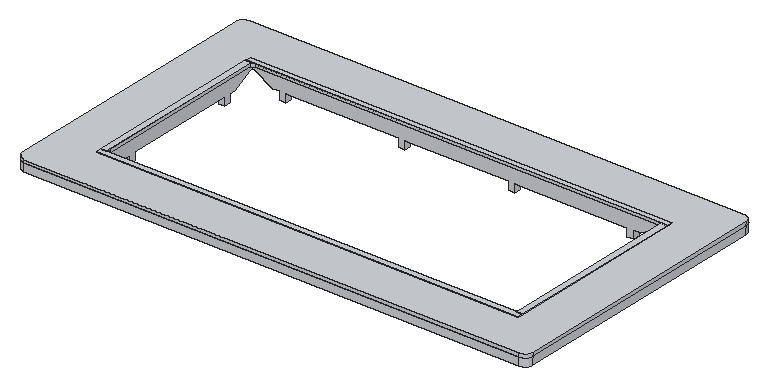
Revit family "Gira_1002235", category Electrical Fixtures, host Face, Revit 2017
Family settings
  Host = Face
  Maintain Annotation Orientation = No
  Round Connector Dimension = Use Diameter
  Part Type = Normal
  Cut with Voids When Loaded = No
  Shared = No
  Room Calculation Point = No
Parameters (values of type "Cov.fr. 2-g w/o cb flat Gira E2 anthra.")
  With mounting grid = "No"
  With hinged lid = "No"
  URL = "http://katalog.gira.de/en/datenblatt.html?artikelnr=1002235"
  Type of fastening = "Clamp mounting"
  Transparent = "No"
  Surface protection = "Other"
  Suitable for wall duct = "No"
  Suitable for flush-mounted installation = "Yes"
  Suitable for floor box = "No"
  Suitable for built-in installation = "No"
  Number of units vertical = "2"
  Number of units horizontal = "2"
  Number of units = "2"
  Name = "Cov.fr. 2-g w/o cb flat Gira E2 anthra."
  Mounting direction = "Horizontal and vertical"
  Material quality = "Thermoplastic"
  Material = "Plastic"
  Manufacturer URL = "https://www.gira.de/"
  Manufacturer = "Gira"
  Label space/information surface = "No"
  Keynote = ""
  HeinzeBIM = "https://bimportal.heinze.de/bim/cov-fr-2-g-w-o-cb-flat-gira-e2-anthra-/e6299c339ac16545b4e3a3ff87664bd105762890"
  Halogen free = "Yes"
  HAN = "1002235"
  GTIN = "4010337021315"
  Description = "Cov.fr.2g w o cb flat E2 AN,Gira E2 cover frame for flat installation,anthracite,2-gang without crossbar,"
  Degree of protection (IP) = "IP20"
  Default Elevation = 1219.2 mm
  Data sheet (1) = "https://katalog.gira.de/en/download.html?artikelnr=1002235"
  Colour = "Anthracite"
  Category = "Cover frame for domestic switching devices"
  BIM (1) = "https://media.stage.bim.site/public/gira/36a6b08/E2flach_Rahmen_2fach o.Mittelsteg.rfa?public/gira/36a6b08/E2flach_Rahmen_2fach o.Mittelsteg.rfa"
  Available = "No"
Reference planes
  plane 1 "Center (Front/Back)": y = 0
  plane 2: z = 0
  plane 3 "Center (Left/Right)": x = 0
Forms (mm)
  Extrusion 1, solid, detail levels fine
    sketch origin (0, 0, 0) x (1, 0, 0) y (0, 1, 0)
      loop
        arc (-77, 43.9) -> (-78.768, 43.168) -> (-79.5, 41.4) r 2.5
        line (-79.5, 41.4) -> (-79.5, -41.4)
        arc (-79.5, -41.4) -> (-78.768, -43.168) -> (-77, -43.9) r 2.5
        line (-77, -43.9) -> (77, -43.9)
        arc (77, -43.9) -> (78.768, -43.168) -> (79.5, -41.4) r 2.5
        line (79.5, -41.4) -> (79.5, 41.4)
        arc (79.5, 41.4) -> (78.768, 43.168) -> (77, 43.9) r 2.5
        line (77, 43.9) -> (-77, 43.9)
      loop
        spline (-63.744, -27.245) -> (-63.736, -27.363) -> (-63.713, -27.478) -> (-63.675, -27.589) -> (-63.623, -27.695) -> (-63.558, -27.792) -> (-63.481, -27.881) -> (-63.392, -27.958) -> (-63.295, -28.023) -> (-63.189, -28.075) -> (-63.078, -28.113) -> (-62.963, -28.136) -> (-62.845, -28.144)
        line (-62.845, -28.144) -> (62.845, -28.144)
        spline (62.845, -28.144) -> (62.963, -28.136) -> (63.078, -28.113) -> (63.189, -28.075) -> (63.295, -28.023) -> (63.392, -27.958) -> (63.481, -27.881) -> (63.558, -27.792) -> (63.623, -27.695) -> (63.675, -27.589) -> (63.713, -27.478) -> (63.736, -27.363) -> (63.744, -27.245)
        line (63.744, -27.245) -> (63.744, 27.245)
        spline (63.744, 27.245) -> (63.736, 27.363) -> (63.713, 27.478) -> (63.675, 27.589) -> (63.623, 27.695) -> (63.558, 27.792) -> (63.481, 27.881) -> (63.392, 27.958) -> (63.295, 28.023) -> (63.189, 28.075) -> (63.078, 28.113) -> (62.963, 28.136) -> (62.845, 28.144)
        line (62.845, 28.144) -> (-62.845, 28.144)
        spline (-62.845, 28.144) -> (-62.963, 28.136) -> (-63.078, 28.113) -> (-63.189, 28.075) -> (-63.295, 28.023) -> (-63.392, 27.958) -> (-63.481, 27.881) -> (-63.558, 27.792) -> (-63.623, 27.695) -> (-63.675, 27.589) -> (-63.713, 27.478) -> (-63.736, 27.363) -> (-63.744, 27.245)
        line (-63.744, 27.245) -> (-63.744, -27.245)
    from 2.5 to 3.4
  Extrusion 2, solid, detail levels fine
    sketch origin (0, 0, 0) x (1, 0, 0) y (0, 1, 0)
      loop
        arc (-77, 43.9) -> (-78.768, 43.168) -> (-79.5, 41.4) r 2.5
        line (-79.5, 41.4) -> (-79.5, -41.4)
        arc (-79.5, -41.4) -> (-78.768, -43.168) -> (-77, -43.9) r 2.5
        line (-77, -43.9) -> (77, -43.9)
        arc (77, -43.9) -> (78.768, -43.168) -> (79.5, -41.4) r 2.5
        line (79.5, -41.4) -> (79.5, 41.4)
        arc (79.5, 41.4) -> (78.768, 43.168) -> (77, 43.9) r 2.5
        line (77, 43.9) -> (-77, 43.9)
      loop
        arc (-77, 43.4) -> (-78.414, 42.814) -> (-79, 41.4) r 2
        line (-79, 41.4) -> (-79, -41.4)
        arc (-79, -41.4) -> (-78.414, -42.814) -> (-77, -43.4) r 2
        line (-77, -43.4) -> (77, -43.4)
        arc (77, -43.4) -> (78.414, -42.814) -> (79, -41.4) r 2
        line (79, -41.4) -> (79, 41.4)
        arc (79, 41.4) -> (78.414, 42.814) -> (77, 43.4) r 2
        line (77, 43.4) -> (-77, 43.4)
    from 0 to 2.5
  Extrusion 3, solid, detail levels fine
    sketch origin (35.6, 0, 0) x (0, -1, 0) y (0, 0, -1)
      loop
        line (-17.5, 4.06) -> (-19.5, 4.06) -> (-19.5, 1.56) -> (-21.654, 1.56) -> (-27.214, -1.65) -> (-28.144, -1.65) -> (-28.144, -3.4) -> (28.144, -3.4) -> (28.144, -1.65) -> (27.214, -1.65) -> (21.654, 1.56) -> (19.5, 1.56) -> (19.5, 4.06) -> (17.5, 4.06) -> (17.5, 1.56) -> (-17.5, 1.56) -> (-17.5, 4.06)
    from 28.144 to 30
  Extrusion 4, solid, detail levels fine
    sketch origin (0, 0, 0) x (1, 0, 0) y (0, 0, -1)
      loop
        line (-53.1, 4.06) -> (-55.1, 4.06) -> (-55.1, 1.56) -> (-57.254, 1.56) -> (-62.814, -1.65) -> (-65.6, -1.65) -> (-65.6, -3.4) -> (65.6, -3.4) -> (65.6, -1.65) -> (62.814, -1.65) -> (57.254, 1.56) -> (55.1, 1.56) -> (55.1, 4.06) -> (53.1, 4.06) -> (53.1, 1.56) -> (18.1, 1.56) -> (18.1, 4.042) -> (16.1, 4.042) -> (16.1, 1.542) -> (-16.1, 1.542) -> (-16.1, 4.042) -> (-18.1, 4.042) -> (-18.1, 1.56) -> (-53.1, 1.56) -> (-53.1, 4.06)
    from 28.144 to 30
  Extrusion 5, solid, detail levels coarse
    sketch origin (0, 0, 0) x (1, 0, 0) y (0, 1, 0)
      loop
        line (-79.5, 43.9) -> (-79.5, -43.9) -> (79.5, -43.9) -> (79.5, 43.9) -> (-79.5, 43.9)
    from -4.06 to 3.4
  Extrusion 6, solid, detail levels medium
    sketch origin (0, 0, 0) x (1, 0, 0) y (0, 1, 0)
      loop
        line (-79.5, 43.9) -> (-79.5, -43.9) -> (79.5, -43.9) -> (79.5, 43.9) -> (-79.5, 43.9)
    from 0 to 3.4
  Extrusion 7, solid, detail levels medium
    sketch origin (0, 0, 0) x (1, 0, 0) y (0, 0, -1)
      loop
        line (-53.1, 4.06) -> (-55.1, 4.06) -> (-55.1, 1.56) -> (-65.6, 1.56) -> (-65.6, -3.4) -> (65.6, -3.4) -> (65.6, 1.56) -> (55.1, 1.56) -> (55.1, 4.06) -> (53.1, 4.06) -> (53.1, 1.56) -> (18.1, 1.56) -> (18.1, 4.06) -> (16.1, 4.06) -> (16.1, 1.542) -> (-16.1, 1.542) -> (-16.1, 4.06) -> (-18.1, 4.06) -> (-18.1, 1.56) -> (-53.1, 1.56) -> (-53.1, 4.06)
    from 28.144 to 30
  Extrusion 8, solid, detail levels medium
    sketch origin (35.6, 0, 0) x (0, -1, 0) y (0, 0, -1)
      loop
        line (-17.5, 4.06) -> (-19.5, 4.06) -> (-19.5, 1.56) -> (-28.144, 1.56) -> (-28.144, -3.4) -> (28.144, -3.4) -> (28.144, 1.56) -> (19.5, 1.56) -> (19.5, 4.06) -> (17.5, 4.06) -> (17.5, 1.56) -> (-17.5, 1.56) -> (-17.5, 4.06)
    from 28.144 to 30
  Extrusion 9, solid, detail levels fine
    sketch origin (0, 0, 0) x (1, 0, 0) y (0, 0, 1)
      loop
        line (-53.1, -4.06) -> (-53.1, -1.56) -> (-18.1, -1.56) -> (-18.1, -4.042) -> (-16.1, -4.042) -> (-16.1, -1.542) -> (16.1, -1.542) -> (16.1, -4.042) -> (18.1, -4.042) -> (18.1, -1.56) -> (53.1, -1.56) -> (53.1, -4.06) -> (55.1, -4.06) -> (55.1, -1.56) -> (57.254, -1.56) -> (62.814, 1.65) -> (65.6, 1.65) -> (65.6, 3.4) -> (-65.6, 3.4) -> (-65.6, 1.65) -> (-62.814, 1.65) -> (-57.254, -1.56) -> (-55.1, -1.56) -> (-55.1, -4.06) -> (-53.1, -4.06)
    from 28.144 to 30
  Extrusion 10, solid, detail levels medium
    sketch origin (0, 0, 0) x (1, 0, 0) y (0, 0, 1)
      loop
        line (-53.1, -4.06) -> (-53.1, -1.56) -> (-18.1, -1.56) -> (-18.1, -4.06) -> (-16.1, -4.06) -> (-16.1, -1.542) -> (16.1, -1.542) -> (16.1, -4.06) -> (18.1, -4.06) -> (18.1, -1.56) -> (53.1, -1.56) -> (53.1, -4.06) -> (55.1, -4.06) -> (55.1, -1.56) -> (65.6, -1.56) -> (65.6, 3.4) -> (-65.6, 3.4) -> (-65.6, -1.56) -> (-55.1, -1.56) -> (-55.1, -4.06) -> (-53.1, -4.06)
    from 28.144 to 30
  Extrusion 11, solid, detail levels fine
    sketch origin (-35.6, 0, 0) x (0, -1, 0) y (0, 0, 1)
      loop
        line (-17.5, -4.06) -> (-17.5, -1.56) -> (17.5, -1.56) -> (17.5, -4.06) -> (19.5, -4.06) -> (19.5, -1.56) -> (21.654, -1.56) -> (27.214, 1.65) -> (28.144, 1.65) -> (28.144, 3.4) -> (-28.144, 3.4) -> (-28.144, 1.65) -> (-27.214, 1.65) -> (-21.654, -1.56) -> (-19.5, -1.56) -> (-19.5, -4.06) -> (-17.5, -4.06)
    from 28.144 to 30
  Extrusion 12, solid, detail levels medium
    sketch origin (-35.6, 0, 0) x (0, -1, 0) y (0, 0, 1)
      loop
        line (-17.5, -4.06) -> (-17.5, -1.56) -> (17.5, -1.56) -> (17.5, -4.06) -> (19.5, -4.06) -> (19.5, -1.56) -> (28.144, -1.56) -> (28.144, 3.4) -> (-28.144, 3.4) -> (-28.144, -1.56) -> (-19.5, -1.56) -> (-19.5, -4.06) -> (-17.5, -4.06)
    from 28.144 to 30
Dimensions and locks
  aligned and locked: plane 2 to host face
  aligned and locked: level to host face
